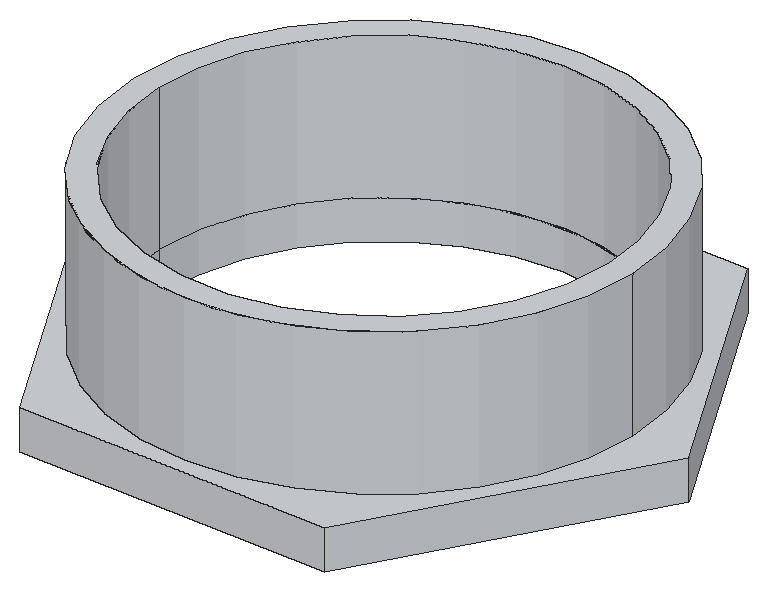
Revit family "MBBL8", category Generic Models, Revit 2017
Family settings
  Can host rebar = No
  Round Connector Dimension = Use Diameter
  Part Type = Normal
  Work Plane-Based = Yes
  Always vertical = No
  Cut with Voids When Loaded = No
  Shared = No
  Room Calculation Point = No
Parameters (values of type "NBS Standard Parameters")
  Weight = "0.1885Kg"
  WarrantyStartDate [instance] = "1900-12-31T23:59:59"
  WarrantyGuarantorParts = "n/a"
  WarrantyGuarantorLabor = "n/a"
  WarrantyDurationUnit = "1 year"
  WarrantyDurationParts = "1 year"
  WarrantyDurationLabor = "n/a"
  WarrantyDescription = "n/a"
  Version = "1"
  Uniclass2 = "Pr_65_70_11_20"
  TagNumber [instance] = "n/a"
  SustainabilityPerformance = "n/a"
  Size = "75mm"
  Shape = "Circular"
  SerialNumber [instance] = "n/a"
  Revision = "n/a"
  ReplacementCost = "n/a"
  ProductInformation = "www.metpro.co.uk/pdf/mbbl8.pdf"
  NominalWidth = 80 mm
  NominalLength = 80 mm
  NominalHeight = 28 mm
  Name = ""
  NBSTypeID = ""
  NBSReference = "90-55-10/460"
  NBSOfficeMasterTag = ""
  NBSNote = ""
  NBSDescription = "Conduit Fittings"
  NBSCertification = ""
  ModelReference = "MBBL8"
  ModelNumber = "n/a"
  Material = "Brass"
  ManufacturerURL = "ww.Metpro.co.uk"
  ManufacturerName = "Metpro Ltd"
  InstallationDate [instance] = "1900-12-31T23:59:59"
  IfcExportType = ""
  IfcExportAs = ""
  Grade = "n/a"
  Finish = "Self Colour"
  Features = "n/a"
  ExpectedLife = "n/a"
  DurationUnit = "year"
  Description = "MBBL8 - 75mm Male Brass Bush - Long"
  Default Elevation = 1219.2 mm
  Constituents = "n/a"
  Color = "n/a"
  CodePerformance = "n/a"
  Category = "n/a"
  BarCode [instance] = "n/a"
  BIMObjectName = "Metpro_metprolibrary_conduitfittings_metalcomponent_brassaccessories"
  Author = "Metpro Ltd"
  AssetType = "Fixed"
  AssetIdentifier [instance] = "n/a"
  AccessibilityPerformance = "n/a"
Reference planes
  plane 1 "Center (Front/Back)": y = 0
  plane 2: z = 0
  plane 3 "Center (Left/Right)": x = 0
Forms (mm)
  Extrusion 1, solid
    sketch origin (0, 0, 0) x (1, 0, 0) y (0, 1, 0)
      loop
        circle (10.04, 13.158) r 34
      loop
        line (-13.054, 53.158) -> (-36.148, 13.158) -> (-13.054, -26.842) -> (33.134, -26.842) -> (56.228, 13.158) -> (33.134, 53.158) -> (-13.054, 53.158)
    from 0 to 6
  Extrusion 2, solid
    sketch origin (0, 0, 6) x (1, 0, 0) y (0, 1, 0)
      loop
        circle (10.04, 13.158) r 34
      loop
        circle (10.04, 13.158) r 37.7
    from 0 to 22
Dimensions and locks
  aligned and locked: level to plane 2
